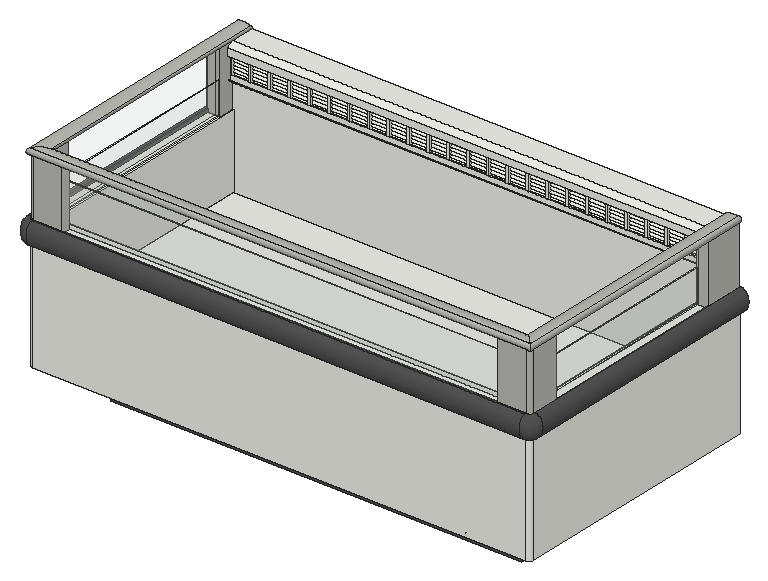
Revit family "FWEG_2014", category Specialty Equipment, Revit 2014
Parameters
  Width = 80 5/8"  # constant formula
  Waste Drain = 1 1/4"  # constant formula
  URL = "www.hussmann.com"
  Type Comments = "Excel"  # constant formula
  Trim = Plastic - 144 Mist Gray
  Total Weight = Case Weight + (2 * End Weight)  # 500.00 lbf
  Splashguard = Textured Sheet Metal (Steel Painted) - 701 Black
  Shelves = Sheet Metal (Steel Painted) - 700 Interior White
  Revit Family Date = "08/13/2015"  # constant formula
  Refrigeration Lines Suction = 5/8"  # constant formula
  Refrigeration Lines Liquid = 3/8"  # constant formula
  Refrig. Suction = "Suction"
  Refrig. Liquid = "Liquid"
  Number of Supports = 2  # constant formula
  Note from Manufacturer = "This model only comes in this size."  # constant formula
  Model URL = "http://www.hussmann.com/en/product%20viewer/display-cases/FW,%20FWG"
  Model = "FWEG"  # constant formula
  Manufacturer Disclaimer = "The information in this file is not intended to be an exact representation of the corresponding Hussmann product.  Further, we reserve the right to change or revise specifications and product design in connection with any feature of our products. Such changes do not entitle the buyer to corresponding changes, improvements, additions, or replacements for equipment previously sold or shipped."  # constant formula
  Manufacturer = "Hussmann Corporation"  # constant formula
  Height = 35 7/8"  # constant formula
  Glazing = Glass
  End Weight = 0.00 lbf  # constant formula
  Description = "Wide Island Merchandiser for Frozen Food / Ice Cream with Glass"  # constant formula
  Depth = 42"  # constant formula
  Cutsheet URL = "http://www.hussmann.com/en/Technical%20Documents/0465903_G_FWEG_EN.pdf"
  Close Off Panel = Textured Sheet Metal (Steel Painted) - 701 Black
  Case Weight = 500.00 lbf
  Case Interior - Side Panel = Sheet Metal (Steel Painted) - 700 Interior White
  Case Interior - Back Panel = Sheet Metal (Steel Painted) - 700 Interior White
  Case = Textured Sheet Metal (Steel Painted) - 149 White Satin Matte
  Bumper = Extruded PVC - 701 Black
  Assembly Code = ""
  Accessories/Options = ""
Reference planes (in)
  plane 1 "Back": y = 0
  plane 2 "Bottom": z = 0
  plane 3 "Top": z = 35.875
  plane 4 "Left": x = -77.30699
  plane 5 "Front": y = -42
  plane 6 "Center (Left/Right)": x = -36.99449
  plane 7 "Right": x = 3.31801
  plane 8: z = 35.875
  plane 9: x = -73.80699
  plane 10: x = -0.18199
  plane 11: y = -38.60808
Forms (in)
  Extrusion 1, solid, material "Metal - Copper"
    sketch origin (46.98783, 5, -0.375) x (1, 0, 0) y (0, 1, 0)
      loop
        circle (-62.62198, -31.25) r 0.4375
      loop
        circle (-62.62198, -31.25) r 0.41359
    from 4.26162 to 0.375
  Extrusion 2, solid, material "Metal - Copper"
    sketch origin (49.18642, 5, -0.375) x (1, 0, 0) y (0, 1, 0)
      loop
        circle (-64.19557, -31.25) r 0.1875
      loop
        circle (-64.19557, -31.25) r 0.17284
    from 4.26162 to 0.375
  Extrusion 3, solid, material "Metal - Copper"
    sketch origin (-53.3125, 1.04319, 0) x (1, 0, 0) y (0, 1, 0)
      loop
        circle (-8.49449, -32.66819) r 0.625
      loop
        circle (-8.49449, -32.66819) r 0.5852
    from 6.42413 to 0
  Extrusion 4, solid, material "Metal - Copper"
    sketch origin (-20.67647, 1.04319, 0) x (-1, 0, 0) y (0, -1, 0)
      loop
        circle (-8.49449, 29.79319) r 0.625
      loop
        circle (-8.49449, 29.79319) r 0.5852
    from 6.42413 to 0
  Extrusion 5, solid, material "Textured Sheet Metal (Steel Painted) - 149 White Satin Matte" <- "Case"
    sketch origin (-36.99449, 0, 0) x (0, 1, 0) y (0, 0, 1)
      loop
        line (-39.74516, 5.5) -> (-40.01909, 5.65823)
        arc (-40.01909, 5.65823) -> (-40.13349, 5.80284) -> (-40.11763, 5.98655) r 0.25
        line (-40.11763, 5.98655) -> (-38.96324, 8.29442) -> (-33.66557, 5.5) -> (0, 5.5) -> (0, 33.68893) -> (-2.15316, 33.68893) -> (-2.15316, 30.73195) -> (-4.10027, 30.73195) -> (-4.10027, 29.82853) -> (-3.64955, 29.45487) -> (-3.64955, 13.61303) -> (-30.44588, 13.61303) -> (-30.44588, 10.38481) -> (-34.40201, 10.38481) -> (-34.40201, 13.61303) -> (-39.11923, 13.61303) -> (-39.11923, 25.61217) -> (-40.67411, 25.61217) -> (-40.67411, 5.5) -> (-39.74516, 5.5)
    from -36.8125 to 36.8125
  Extrusion 6, solid, material "Textured Sheet Metal (Steel Painted) - 149 White Satin Matte" <- "Case"
    sketch origin (-36.99449, 0, 0) x (0, 1, 0) y (0, 0, 1)
      loop
        line (-3.61791, 35.25) -> (-4.73694, 34.69958) -> (-4.73694, 33.68893) -> (0, 33.68893) -> (0, 35.25) -> (-3.61791, 35.25)
    from -37.21725 to 37.21725
  Sweep 7, solid, material "Extruded PVC - 701 Black" <- "Bumper"
    path in 3D
      loop
        line (3.31801, 0, 0) -> (3.31801, -40, 0)
        arc (3.31801, -40, 0) -> (2.73223, -41.41421, 0) -> (1.31801, -42, 0) r 2
        line (1.31801, -42, 0) -> (-75.30699, -42, 0)
        arc (-75.30699, -42, 0) -> (-76.7212, -41.41421, 0) -> (-77.30699, -40, 0) r 2
        line (-77.30699, -40, 0) -> (-77.30699, 0, 0)
    profile origin (-36.99449, -42, 0) x (0, 1, 0) y (0, 0, 1)
      loop
        line (1.15634, 22.63241) -> (1.32589, 22.63241) -> (1.32589, 25.61217) -> (1.42003, 25.61217) -> (1.42003, 26.02108) -> (1.15634, 26.02108)
        spline (1.15634, 26.02108) -> (0.85705, 25.96335) -> (0.57817, 25.79408) -> (0.33868, 25.52482) -> (0.15492, 25.17391) -> (0.0394, 24.76527) -> (0, 24.32675) -> (0.0394, 23.88822) -> (0.15492, 23.47958) -> (0.33868, 23.12867) -> (0.57817, 22.85941) -> (0.85705, 22.69015) -> (1.15634, 22.63241)
  Sweep 8, solid, material "Plastic - 144 Mist Gray" <- "Trim"
    path in 3D
      loop
        line (1.89798, 0, 26.02108) -> (1.89798, -40.57997, 26.02108) -> (-75.88695, -40.57997, 26.02108) -> (-75.88695, 0, 26.02108)
    profile origin (-36.99449, -40.57997, 26.02108) x (0, -1, 0) y (0, 0, 1)
      loop
        line (-1.83929, 9.17119) -> (0, 9.17119) -> (0, 8.88704)
        arc (0, 8.88704) -> (0.31746, 9.33694) -> (-0.02265, 9.76998) r 0.46093
        arc (-0.02265, 9.76998) -> (-0.95939, 9.83781) -> (-1.85744, 9.56285) r 2.55702
        arc (-1.85744, 9.56285) -> (-1.97165, 9.36131) -> (-1.83929, 9.17119) r 0.2174
  Sweep 9, solid, material "Textured Sheet Metal (Steel Painted) - 701 Black" <- "Close Off Panel"
    path in 3D
      loop
        line (-5.18199, 0, 0) -> (-5.18199, -33.375, 0) -> (-68.80699, -33.375, 0) -> (-68.80699, 0, 0)
    profile origin (-36.99449, -33.375, 0) x (0, -1, 0) y (0, 0, 1)
      loop
        line (-0.3776, 0) -> (0.125, 0) -> (0.125, 5.17612) -> (-0.1076, 5.5) -> (-0.3776, 5.5) -> (-0.3776, 0)
  Extrusion 10, solid, material "Textured Sheet Metal (Steel Painted) - 149 White Satin Matte" <- "Case"
    sketch origin (-73.80699, 0, 0) x (0, -1, 0) y (0, 0, 1)
      loop
        line (0, 33.68893) -> (0, 25.61217) -> (3.64955, 25.61217) -> (3.64955, 29.45487) -> (4.10027, 29.82853) -> (4.10027, 30.73195) -> (2.15316, 30.73195) -> (2.15316, 33.68893) -> (0, 33.68893)
    from 0 to 0.40475
  Extrusion 11, solid, material "Textured Sheet Metal (Steel Painted) - 149 White Satin Matte" <- "Case"
    sketch origin (-0.18199, 0, 0) x (0, -1, 0) y (0, 0, -1)
      loop
        line (0, -33.68893) -> (2.15316, -33.68893) -> (2.15316, -30.73195) -> (4.10027, -30.73195) -> (4.10027, -29.82853) -> (3.64955, -29.45487) -> (3.64955, -25.61217) -> (0, -25.61217) -> (0, -33.68893)
    from 0 to 0.40475
  Extrusion 12, solid, material "Plastic - 144 Mist Gray" <- "Trim"
    sketch origin (0, 0, 25.61217) x (1, 0, 0) y (0, 1, 0)
      loop
        line (1.89798, -35.57997) -> (0.03551, -35.57997) -> (0.03551, -39.23897) -> (-3.10202, -39.23897) -> (-3.10202, -40.57997) -> (1.31801, -40.57997)
        arc (1.31801, -40.57997) -> (1.72811, -40.4101) -> (1.89798, -40) r 0.57997
        line (1.89798, -40) -> (1.89798, -35.57997)
    from 0 to 9.5801
  Extrusion 13, solid, material "Plastic - 144 Mist Gray" <- "Trim"
    sketch origin (0, 0, 25.61217) x (1, 0, 0) y (0, 1, 0)
      loop
        line (1.89798, 0) -> (0.03551, 0) -> (0.03551, -6) -> (1.89798, -6) -> (1.89798, 0)
    from 0 to 9.5801
  Extrusion 14, solid, material "Plastic - 144 Mist Gray" <- "Trim"
    sketch origin (-73.98897, 0, 25.61217) x (-1, 0, 0) y (0, -1, 0)
      loop
        line (1.89798, 35.57997) -> (1.89798, 40)
        arc (1.89798, 40) -> (1.72811, 40.4101) -> (1.31801, 40.57997) r 0.57997
        line (1.31801, 40.57997) -> (-3.10202, 40.57997) -> (-3.10202, 39.23897) -> (0.03551, 39.23897) -> (0.03551, 35.57997) -> (1.89798, 35.57997)
    from 0 to 9.5801
  Extrusion 15, solid, material "Plastic - 144 Mist Gray" <- "Trim"
    sketch origin (-73.98897, 0, 25.61217) x (-1, 0, 0) y (0, -1, 0)
      loop
        line (1.89798, 0) -> (1.89798, 6) -> (0.03551, 6) -> (0.03551, 0) -> (1.89798, 0)
    from 0 to 9.5801
  Extrusion 16, solid, material "Glass" <- "Glazing"
    sketch origin (-36.99449, 0, 0) x (0, 1, 0) y (0, 0, 1)
      loop
        line (-40.57997, 25.61217) -> (-39.23897, 25.61217) -> (-39.23897, 35.19227) -> (-40.57997, 35.19227) -> (-40.57997, 25.61217)
    from -33.89247 to 33.89247
  Extrusion 17, solid, material "Glass" <- "Glazing"
    sketch origin (-75.98109, -6, 25.61217) x (1, 0, 0) y (0, 0, 1)
      loop
        line (-0.09311, 0) -> (1.24789, 0) -> (1.24789, 9.5801) -> (-0.09311, 9.5801) -> (-0.09311, 0)
    from 0 to 29.57997
  Extrusion 18, solid, material "Sheet Metal (Steel Painted) - 700 Interior White" <- "Shelves"
    sketch origin (-36.99449, -37.02455, 13.61303) x (0, 1, 0) y (-1, 0, 0)
      loop
        line (33.34375, 36.8125) -> (0.03125, 36.8125) -> (0.03125, -36.77975) -> (33.34375, -36.77975) -> (33.34375, 36.8125)
    from 0 to 0.59184
  Extrusion 19, solid, material "Sheet Metal (Steel Painted) - 700 Interior White" <- "Case Interior - Back Panel"
    sketch origin (-36.99449, -3.64955, 13.61303) x (0, 0, 1) y (-1, 0, 0)
      loop
        line (11.99914, -37.21725) -> (15.84184, -37.21725) -> (15.84184, 37.21725) -> (11.99914, 37.21725) -> (11.99914, 36.8125) -> (0, 36.8125) -> (0, -36.8125) -> (11.99914, -36.8125) -> (11.99914, -37.21725)
    from 0 to 0.03125
  Extrusion 20, solid, material "Sheet Metal (Steel Painted) - 700 Interior White" <- "Case Interior - Back Panel"
    sketch origin (-0.27724, -4.10027, 25.61217) x (0, 1, 0) y (0, 0, -1)
      loop
        spline (0.2329, -5.11978) -> (0.38806, -5.21604) -> (0.58744, -5.32156) -> (0.80502, -5.42258) -> (1.01244, -5.50591) -> (1.18265, -5.5607) -> (1.29343, -5.57979) -> (1.33035, -5.5607) -> (1.28858, -5.50591) -> (1.17358, -5.42258) -> (1.00035, -5.32156) -> (0.79147, -5.21604) -> (0.5742, -5.11978)
        line (0.5742, -5.11978) -> (0.2329, -5.11978)
      loop
        spline (1.32914, -6.06777) -> (1.31865, -6.03671) -> (1.26784, -5.98863) -> (1.18018, -5.92682) -> (1.06164, -5.85548) -> (0.9203, -5.77947) -> (0.76579, -5.70398) -> (0.60865, -5.63414) -> (0.45957, -5.57473) -> (0.32872, -5.52978) -> (0.22502, -5.50236) -> (0.15554, -5.49434) -> (0.125, -5.50627)
        spline (0.125, -5.50627) -> (0.13549, -5.53733) -> (0.1863, -5.58541) -> (0.27396, -5.64722) -> (0.3925, -5.71856) -> (0.53384, -5.79457) -> (0.68835, -5.87006) -> (0.84549, -5.9399) -> (0.99457, -5.99931) -> (1.12542, -6.04426) -> (1.22912, -6.07168) -> (1.2986, -6.0797) -> (1.32914, -6.06777)
      loop
        spline (1.32914, -7.06777) -> (1.31865, -7.03671) -> (1.26784, -6.98863) -> (1.18018, -6.92682) -> (1.06164, -6.85548) -> (0.9203, -6.77947) -> (0.76579, -6.70398) -> (0.60865, -6.63414) -> (0.45957, -6.57473) -> (0.32872, -6.52978) -> (0.22502, -6.50236) -> (0.15554, -6.49434) -> (0.125, -6.50627)
        spline (0.125, -6.50627) -> (0.13549, -6.53733) -> (0.1863, -6.58541) -> (0.27396, -6.64722) -> (0.3925, -6.71856) -> (0.53384, -6.79457) -> (0.68835, -6.87006) -> (0.84549, -6.9399) -> (0.99457, -6.99931) -> (1.12542, -7.04426) -> (1.22912, -7.07168) -> (1.2986, -7.0797) -> (1.32914, -7.06777)
      loop
        spline (1.32914, -6.56777) -> (1.31865, -6.53671) -> (1.26784, -6.48863) -> (1.18018, -6.42682) -> (1.06164, -6.35548) -> (0.9203, -6.27947) -> (0.76579, -6.20398) -> (0.60865, -6.13414) -> (0.45957, -6.07473) -> (0.32872, -6.02978) -> (0.22502, -6.00236) -> (0.15554, -5.99434) -> (0.125, -6.00627)
        spline (0.125, -6.00627) -> (0.13549, -6.03733) -> (0.1863, -6.08541) -> (0.27396, -6.14722) -> (0.3925, -6.21856) -> (0.53384, -6.29457) -> (0.68835, -6.37006) -> (0.84549, -6.4399) -> (0.99457, -6.49931) -> (1.12542, -6.54426) -> (1.22912, -6.57168) -> (1.2986, -6.5797) -> (1.32914, -6.56777)
      loop
        spline (1.32914, -7.56777) -> (1.31865, -7.53671) -> (1.26784, -7.48863) -> (1.18018, -7.42682) -> (1.06164, -7.35548) -> (0.9203, -7.27947) -> (0.76579, -7.20398) -> (0.60865, -7.13414) -> (0.45957, -7.07473) -> (0.32872, -7.02978) -> (0.22502, -7.00236) -> (0.15554, -6.99434) -> (0.125, -7.00627)
        spline (0.125, -7.00627) -> (0.13549, -7.03733) -> (0.1863, -7.08541) -> (0.27396, -7.14722) -> (0.3925, -7.21856) -> (0.53384, -7.29457) -> (0.68835, -7.37006) -> (0.84549, -7.4399) -> (0.99457, -7.49931) -> (1.12542, -7.54426) -> (1.22912, -7.57168) -> (1.2986, -7.5797) -> (1.32914, -7.56777)
      loop
        spline (1.3174, -8.07676) -> (1.30488, -8.02122) -> (1.15112, -7.90843) -> (0.89369, -7.76596) -> (0.59554, -7.62863) -> (0.32954, -7.53003) -> (0.16071, -7.49425) -> (0.13033, -7.53003) -> (0.24582, -7.62863) -> (0.47896, -7.76596) -> (0.77274, -7.90843) -> (1.05536, -8.02122) -> (1.25773, -8.07676)
        line (1.25773, -8.07676) -> (1.3174, -8.07676)
      loop
        spline (0.46502, -8.07676) -> (0.39765, -8.05243) -> (0.3357, -8.03195) -> (0.28018, -8.01566) -> (0.232, -8.00383) -> (0.19196, -7.99665) -> (0.16071, -7.99425) -> (0.13877, -7.99665) -> (0.12649, -8.00383) -> (0.12408, -8.01566) -> (0.13159, -8.03195) -> (0.14887, -8.05243) -> (0.17566, -8.07676)
        line (0.17566, -8.07676) -> (0.46502, -8.07676)
    from -0.5 to 73.74725
  Extrusion 21, solid, material "Sheet Metal (Steel Painted) - 700 Interior White" <- "Case Interior - Back Panel"
    sketch origin (-36.99449, -2.15316, 30.73195) x (0, 0, 1) y (-1, 0, 0)
      loop
        line (2.95699, -37.15356) -> (2.95699, -36.54285) -> (0, -36.54285) -> (0, -37.15356) -> (2.95699, -37.15356)
    from 0 to 1.94712
  Extrusion 22, solid, material "Sheet Metal (Steel Painted) - 700 Interior White" <- "Case Interior - Back Panel"
    sketch origin (-110.99148, -2.15316, 30.73195) x (0, 0, 1) y (-1, 0, 0)
      loop
        line (2.95699, -37.35453) -> (2.95699, -36.54203) -> (0, -36.54203) -> (0, -37.35453) -> (2.95699, -37.35453)
    from 0 to 1.94712
  Extrusion 23, solid, material "Sheet Metal (Steel Painted) - 700 Interior White" <- "Case Interior - Back Panel"
    sketch origin (-40.07769, -2.15316, 30.73195) x (0, 0, 1) y (-1, 0, 0)
      loop
        line (2.95699, -37.21725) -> (2.95699, -36.77975) -> (0, -36.77975) -> (0, -37.21725) -> (2.95699, -37.21725)
    from 0 to 1.94712
  Extrusion 24, solid, material "Sheet Metal (Steel Painted) - 700 Interior White" <- "Case Interior - Back Panel"
    sketch origin (-43.1609, -2.15316, 30.73195) x (0, 0, 1) y (-1, 0, 0)
      loop
        line (2.95699, -37.21725) -> (2.95699, -36.77975) -> (0, -36.77975) -> (0, -37.21725) -> (2.95699, -37.21725)
    from 0 to 1.94712
  Extrusion 25, solid, material "Sheet Metal (Steel Painted) - 700 Interior White" <- "Case Interior - Back Panel"
    sketch origin (-46.24411, -2.15316, 30.73195) x (0, 0, 1) y (-1, 0, 0)
      loop
        line (2.95699, -37.21725) -> (2.95699, -36.77975) -> (0, -36.77975) -> (0, -37.21725) -> (2.95699, -37.21725)
    from 0 to 1.94712
  Extrusion 26, solid, material "Sheet Metal (Steel Painted) - 700 Interior White" <- "Case Interior - Back Panel"
    sketch origin (-49.32732, -2.15316, 30.73195) x (0, 0, 1) y (-1, 0, 0)
      loop
        line (2.95699, -37.21725) -> (2.95699, -36.77975) -> (0, -36.77975) -> (0, -37.21725) -> (2.95699, -37.21725)
    from 0 to 1.94712
  Extrusion 27, solid, material "Sheet Metal (Steel Painted) - 700 Interior White" <- "Case Interior - Back Panel"
    sketch origin (-52.41053, -2.15316, 30.73195) x (0, 0, 1) y (-1, 0, 0)
      loop
        line (2.95699, -37.21725) -> (2.95699, -36.77975) -> (0, -36.77975) -> (0, -37.21725) -> (2.95699, -37.21725)
    from 0 to 1.94712
  Extrusion 28, solid, material "Sheet Metal (Steel Painted) - 700 Interior White" <- "Case Interior - Back Panel"
    sketch origin (-55.49373, -2.15316, 30.73195) x (0, 0, 1) y (-1, 0, 0)
      loop
        line (2.95699, -37.21725) -> (2.95699, -36.77975) -> (0, -36.77975) -> (0, -37.21725) -> (2.95699, -37.21725)
    from 0 to 1.94712
  Extrusion 29, solid, material "Sheet Metal (Steel Painted) - 700 Interior White" <- "Case Interior - Back Panel"
    sketch origin (-58.57694, -2.15316, 30.73195) x (0, 0, 1) y (-1, 0, 0)
      loop
        line (2.95699, -37.21725) -> (2.95699, -36.77975) -> (0, -36.77975) -> (0, -37.21725) -> (2.95699, -37.21725)
    from 0 to 1.94712
  Extrusion 30, solid, material "Sheet Metal (Steel Painted) - 700 Interior White" <- "Case Interior - Back Panel"
    sketch origin (-61.66015, -2.15316, 30.73195) x (0, 0, 1) y (-1, 0, 0)
      loop
        line (2.95699, -37.21725) -> (2.95699, -36.77975) -> (0, -36.77975) -> (0, -37.21725) -> (2.95699, -37.21725)
    from 0 to 1.94712
  Extrusion 31, solid, material "Sheet Metal (Steel Painted) - 700 Interior White" <- "Case Interior - Back Panel"
    sketch origin (-64.74336, -2.15316, 30.73195) x (0, 0, 1) y (-1, 0, 0)
      loop
        line (2.95699, -37.21725) -> (2.95699, -36.77975) -> (0, -36.77975) -> (0, -37.21725) -> (2.95699, -37.21725)
    from 0 to 1.94712
  Extrusion 32, solid, material "Sheet Metal (Steel Painted) - 700 Interior White" <- "Case Interior - Back Panel"
    sketch origin (-67.82657, -2.15316, 30.73195) x (0, 0, 1) y (-1, 0, 0)
      loop
        line (2.95699, -37.21725) -> (2.95699, -36.77975) -> (0, -36.77975) -> (0, -37.21725) -> (2.95699, -37.21725)
    from 0 to 1.94712
  Extrusion 33, solid, material "Sheet Metal (Steel Painted) - 700 Interior White" <- "Case Interior - Back Panel"
    sketch origin (-70.90977, -2.15316, 30.73195) x (0, 0, 1) y (-1, 0, 0)
      loop
        line (2.95699, -37.21725) -> (2.95699, -36.77975) -> (0, -36.77975) -> (0, -37.21725) -> (2.95699, -37.21725)
    from 0 to 1.94712
  Extrusion 34, solid, material "Sheet Metal (Steel Painted) - 700 Interior White" <- "Case Interior - Back Panel"
    sketch origin (-73.99298, -2.15316, 30.73195) x (0, 0, 1) y (-1, 0, 0)
      loop
        line (2.95699, -37.21725) -> (2.95699, -36.77975) -> (0, -36.77975) -> (0, -37.21725) -> (2.95699, -37.21725)
    from 0 to 1.94712
  Extrusion 35, solid, material "Sheet Metal (Steel Painted) - 700 Interior White" <- "Case Interior - Back Panel"
    sketch origin (-77.07619, -2.15316, 30.73195) x (0, 0, 1) y (-1, 0, 0)
      loop
        line (2.95699, -37.21725) -> (2.95699, -36.77975) -> (0, -36.77975) -> (0, -37.21725) -> (2.95699, -37.21725)
    from 0 to 1.94712
  Extrusion 36, solid, material "Sheet Metal (Steel Painted) - 700 Interior White" <- "Case Interior - Back Panel"
    sketch origin (-80.1594, -2.15316, 30.73195) x (0, 0, 1) y (-1, 0, 0)
      loop
        line (2.95699, -37.21725) -> (2.95699, -36.77975) -> (0, -36.77975) -> (0, -37.21725) -> (2.95699, -37.21725)
    from 0 to 1.94712
  Extrusion 37, solid, material "Sheet Metal (Steel Painted) - 700 Interior White" <- "Case Interior - Back Panel"
    sketch origin (-83.24261, -2.15316, 30.73195) x (0, 0, 1) y (-1, 0, 0)
      loop
        line (2.95699, -37.21725) -> (2.95699, -36.77975) -> (0, -36.77975) -> (0, -37.21725) -> (2.95699, -37.21725)
    from 0 to 1.94712
  Extrusion 38, solid, material "Sheet Metal (Steel Painted) - 700 Interior White" <- "Case Interior - Back Panel"
    sketch origin (-86.32581, -2.15316, 30.73195) x (0, 0, 1) y (-1, 0, 0)
      loop
        line (2.95699, -37.21725) -> (2.95699, -36.77975) -> (0, -36.77975) -> (0, -37.21725) -> (2.95699, -37.21725)
    from 0 to 1.94712
  Extrusion 39, solid, material "Sheet Metal (Steel Painted) - 700 Interior White" <- "Case Interior - Back Panel"
    sketch origin (-89.40902, -2.15316, 30.73195) x (0, 0, 1) y (-1, 0, 0)
      loop
        line (2.95699, -37.21725) -> (2.95699, -36.77975) -> (0, -36.77975) -> (0, -37.21725) -> (2.95699, -37.21725)
    from 0 to 1.94712
  Extrusion 40, solid, material "Sheet Metal (Steel Painted) - 700 Interior White" <- "Case Interior - Back Panel"
    sketch origin (-92.49223, -2.15316, 30.73195) x (0, 0, 1) y (-1, 0, 0)
      loop
        line (2.95699, -37.21725) -> (2.95699, -36.77975) -> (0, -36.77975) -> (0, -37.21725) -> (2.95699, -37.21725)
    from 0 to 1.94712
  Extrusion 41, solid, material "Sheet Metal (Steel Painted) - 700 Interior White" <- "Case Interior - Back Panel"
    sketch origin (-95.57544, -2.15316, 30.73195) x (0, 0, 1) y (-1, 0, 0)
      loop
        line (2.95699, -37.21725) -> (2.95699, -36.77975) -> (0, -36.77975) -> (0, -37.21725) -> (2.95699, -37.21725)
    from 0 to 1.94712
  Extrusion 42, solid, material "Sheet Metal (Steel Painted) - 700 Interior White" <- "Case Interior - Back Panel"
    sketch origin (-98.65865, -2.15316, 30.73195) x (0, 0, 1) y (-1, 0, 0)
      loop
        line (2.95699, -37.21725) -> (2.95699, -36.77975) -> (0, -36.77975) -> (0, -37.21725) -> (2.95699, -37.21725)
    from 0 to 1.94712
  Extrusion 43, solid, material "Sheet Metal (Steel Painted) - 700 Interior White" <- "Case Interior - Back Panel"
    sketch origin (-101.74185, -2.15316, 30.73195) x (0, 0, 1) y (-1, 0, 0)
      loop
        line (2.95699, -37.21725) -> (2.95699, -36.77975) -> (0, -36.77975) -> (0, -37.21725) -> (2.95699, -37.21725)
    from 0 to 1.94712
  Extrusion 44, solid, material "Sheet Metal (Steel Painted) - 700 Interior White" <- "Case Interior - Back Panel"
    sketch origin (-104.82506, -2.15316, 30.73195) x (0, 0, 1) y (-1, 0, 0)
      loop
        line (2.95699, -37.21725) -> (2.95699, -36.77975) -> (0, -36.77975) -> (0, -37.21725) -> (2.95699, -37.21725)
    from 0 to 1.94712
  Extrusion 45, solid, material "Sheet Metal (Steel Painted) - 700 Interior White" <- "Case Interior - Back Panel"
    sketch origin (-107.90827, -2.15316, 30.73195) x (0, 0, 1) y (-1, 0, 0)
      loop
        line (2.95699, -37.21725) -> (2.95699, -36.77975) -> (0, -36.77975) -> (0, -37.21725) -> (2.95699, -37.21725)
    from 0 to 1.94712
  Sweep 46, solid, material "Textured Sheet Metal (Steel Painted) - 149 White Satin Matte" <- "Case"
    path in 3D
      loop
        line (-0.18199, -39.11923, 13.61303) -> (-73.80699, -39.11923, 13.61303)
    profile origin (-36.99449, -39.11923, 13.61303) x (0, -1, 0) y (0, 0, 1)
      loop
        line (-2.09468, 0) -> (0, 0) -> (0, 11.99914) -> (-2.65588, 10.80718) -> (-2.65588, 9.09318) -> (-2.09468, 7.28412) -> (-2.09468, 0)
  Sweep 47, solid, material "Glass" <- "Glazing"
    path in 3D
      loop
        line (-0.18199, -36.46335, 24.42021) -> (-73.80699, -36.46335, 24.42021)
    profile origin (-36.99449, -36.46335, 24.42021) x (0, 0, 1) y (0, 1, 0)
      loop
        line (0.12886, -0.28712) -> (0.2276, -0.50712) -> (6.28466, -0.50712) -> (6.28466, -0.28712) -> (0.12886, -0.28712)
  Extrusion 48, solid, material "Textured Sheet Metal (Steel Painted) - 149 White Satin Matte" <- "Case"
    sketch origin (0, 0, 0) x (1, 0, 0) y (0, 1, 0)
      loop
        line (1.99212, 0) -> (-0.18199, 0) -> (-0.18199, -40.67411) -> (1.31801, -40.67411)
        arc (1.31801, -40.67411) -> (1.79468, -40.47666) -> (1.99212, -40) r 0.67411
        line (1.99212, -40) -> (1.99212, 0)
    from 5.5 to 25.61217
  Extrusion 49, solid, material "Textured Sheet Metal (Steel Painted) - 149 White Satin Matte" <- "Case"
    sketch origin (-73.98897, 0, 0) x (-1, 0, 0) y (0, -1, 0)
      loop
        line (1.99212, 0) -> (1.99212, 40)
        arc (1.99212, 40) -> (1.79468, 40.47666) -> (1.31801, 40.67411) r 0.67411
        line (1.31801, 40.67411) -> (-0.18199, 40.67411) -> (-0.18199, 0) -> (1.99212, 0)
    from 5.5 to 25.61217
  Extrusion 50, solid, material "Glass" <- "Glazing"
    sketch origin (-0.4375, 0, 0) x (1, 0, 0) y (0, 0, 1)
      loop
        line (-73.80699, 25.61217) -> (-73.58699, 25.61217) -> (-73.58699, 30.70487) -> (-73.80699, 30.70487) -> (-73.80699, 25.61217)
    from 6 to 35.57997
  Extrusion 51, solid, material "Glass" <- "Glazing"
    sketch origin (1.99212, -6, 25.61217) x (-1, 0, 0) y (0, 0, -1)
      loop
        line (0.09414, 0) -> (0.09414, -9.5801) -> (1.62239, -9.5801) -> (1.62239, 0) -> (0.09414, 0)
    from 0 to 29.57997
  Extrusion 52, solid, material "Glass" <- "Glazing"
    sketch origin (-73.55147, 0, 0) x (-1, 0, 0) y (0, 0, -1)
      loop
        line (-73.80699, -25.61217) -> (-73.80699, -30.70487) -> (-73.58699, -30.70487) -> (-73.58699, -25.61217) -> (-73.80699, -25.61217)
    from 6 to 35.57997
  Extrusion 53, solid, material "Sheet Metal (Steel Painted) - 700 Interior White" <- "Case Interior - Side Panel"
    sketch origin (-73.80699, -40.67411, 0) x (0, 1, 0) y (0, 0, 1)
      loop
        line (37.02455, 25.61217) -> (1.55488, 25.61217) -> (4.21075, 24.42021) -> (4.21075, 22.70621) -> (3.64955, 20.89715) -> (3.64955, 14.20487) -> (37.02455, 14.20487) -> (37.02455, 25.61217)
    from 0 to 0.03125
  Extrusion 54, solid, material "Sheet Metal (Steel Painted) - 700 Interior White" <- "Case Interior - Side Panel"
    sketch origin (-0.18199, -40.67411, 0) x (0, 1, 0) y (0, 0, -1)
      loop
        line (37.02455, -25.61217) -> (37.02455, -14.20487) -> (3.64955, -14.20487) -> (3.64955, -20.89715) -> (4.21075, -22.70621) -> (4.21075, -24.42021) -> (1.55488, -25.61217) -> (37.02455, -25.61217)
    from 0 to 0.03125
Cuts and joins
  joined: Extrusion 5, Extrusion 10, Extrusion 11, Sweep 46, Extrusion 48, Extrusion 49
  joined: Extrusion 20, Extrusion 21, Extrusion 22, Extrusion 23, Extrusion 24, Extrusion 25, Extrusion 26, Extrusion 27, Extrusion 28, Extrusion 29, Extrusion 30, Extrusion 31, Extrusion 32, Extrusion 33, Extrusion 34, Extrusion 35, Extrusion 36, Extrusion 37, Extrusion 38, Extrusion 39, Extrusion 40, Extrusion 41, Extrusion 42, Extrusion 43, Extrusion 44, Extrusion 45
Lines and regions (in)
  reference lines
    curve 1: line (-64.05699, -42, 0) -> (-64.05699, 0, 0)
    curve 2: line (-61.80699, -42, 0) -> (-61.80699, 0, 0)
    curve 3: line (-15.18199, -42, 0) -> (-15.18199, 0, 0)
    curve 4: line (-9.93199, -42, 0) -> (-9.93199, 0, 0)
    curve 5: line (-77.30699, -31.625, 0) -> (3.31801, -31.625, 0)
    curve 6: line (3.31801, -26.25, 0) -> (-77.30699, -26.25, 0)
    curve 7: line (-12.18199, -42, 0) -> (-12.18199, 0, 0)
  sketch lines
    curve 8: line (3.31801, 0, 0) -> (3.31801, -40, 0)
    curve 9: arc (1.31801, -42, 0) -> (2.73223, -41.41421, 0) -> (3.31801, -40, 0) r 2
    curve 10: line (-75.30699, -42, 0) -> (1.31801, -42, 0)
    curve 11: arc (-77.30699, -40, 0) -> (-76.7212, -41.41421, 0) -> (-75.30699, -42, 0) r 2
    curve 12: line (-77.30699, -40, 0) -> (-77.30699, 0, 0)
    curve 13: line (-75.88695, -40.57997, 26.02108) -> (-75.88695, 0, 26.02108)
    curve 14: line (1.89798, -40.57997, 26.02108) -> (-75.88695, -40.57997, 26.02108)
    curve 15: line (1.89798, 0, 26.02108) -> (1.89798, -40.57997, 26.02108)
    curve 19: line (-68.80699, -33.375, 0) -> (-68.80699, 0, 0)
    curve 20: line (-5.18199, -33.375, 0) -> (-68.80699, -33.375, 0)
    curve 21: line (-5.18199, 0, 0) -> (-5.18199, -33.375, 0)
    curve 22: line (-0.18199, -39.11923, 13.61303) -> (-73.80699, -39.11923, 13.61303)
    curve 23: line (-0.18199, -36.46335, 24.42021) -> (-73.80699, -36.46335, 24.42021)
  model lines
    curve 16: line (-5.18199, 0, 0) -> (-5.18199, -33.375, 0)
    curve 17: line (-5.18199, -33.375, 0) -> (-68.80699, -33.375, 0)
    curve 18: line (-68.80699, -33.375, 0) -> (-68.80699, 0, 0)
Dimensions and locks (in)
  equal spacing: plane 4 "Left", plane 6 "Center (Left/Right)", plane 7 "Right"
  "Width": plane 4 "Left" to plane 7 "Right"
  locked: plane 4 "Left" to curve 1 at 13.25
  locked: plane 4 "Left" to curve 2 at 15.5
  curve 4 to plane 7 "Right" = 13 1/4"
  curve 3 to plane 7 "Right" = 18 1/2"
  "Depth": plane 5 "Front" to plane 1 "Back"
  "Height": plane 3 "Top" to level
  plane 1 "Back" to curve 5 = 31 5/8"
  plane 1 "Back" to curve 6 = 26 1/4"
  "Height": plane 8 to level
  nested 1 to plane 1 "Back" = 30 1/4"
  nested 1 to nested 1 = 19 7/8"
  locked: curve 7 to plane 7 "Right" at 15.5
  plane 9 to plane 6 "Center (Left/Right)" to Extrusion 5 = 36 13/16", 36 13/16"
  locked: plane 9 to plane 10 at 73.625
  Extrusion 17 to plane 4 "Left" = 1.23279"
  Extrusion 50 sketch curve to plane 4 "Left" = 3 1/16"
  aligned and locked: plane 5 "Front" to curve 3
  aligned and locked: plane 5 "Front" to curve 4
  aligned and locked: plane 5 "Front" to curve 2
  aligned and locked: plane 5 "Front" to curve 1
  aligned and locked: plane 4 "Left" to curve 5
  aligned and locked: plane 4 "Left" to curve 6
  aligned and locked: plane 7 "Right" to curve 6
  aligned and locked: plane 7 "Right" to curve 5
  aligned and locked: Extrusion 1 to level
  aligned and locked: Extrusion 2 to level
  aligned and locked: curve 6 to Extrusion 2 sketch curve  (x2)
  aligned and locked: curve 6 to Extrusion 1 sketch curve  (x2)
  aligned and locked: curve 5 to Extrusion 3 sketch curve  (x2)
  aligned and locked: curve 1 to nested 1
  aligned and locked: curve 4 to nested 2
  aligned and locked: plane 10 to Extrusion 5
  aligned and locked: plane 9 to Extrusion 5
  aligned and locked: Extrusion 6 to cut or joined group of Extrusion 5, Extrusion 10, Extrusion 11, Sweep 46, Extrusion 48, Extrusion 49  (x2)
  aligned and locked: Extrusion 12 to Sweep 8
  aligned and locked: Extrusion 13 to Sweep 8
  aligned and locked: Extrusion 12 to Extrusion 14 sketch curve
  aligned and locked: Extrusion 20 to Extrusion 15
Automatic sketch dimensions
  Extrusion 45 sketch curve to Extrusion 45 sketch curve = 2.95699"
  Extrusion 45 sketch curve to Extrusion 45 sketch curve = 7/16"
  plane 1 "Back" to curve 18 = 0"
  plane 1 "Back" to curve 16 = 0"
  plane 9 to curve 18 = 5"
  curve 17 to plane 10 = 5"
  plane 11 to curve 18 = 5.23308"
  Extrusion 1 sketch curve to Extrusion 1 sketch curve = 0"  (x4)
  Extrusion 1 sketch curve to plane 10 = 15.45216"
  Extrusion 1 sketch curve to Extrusion 1 sketch curve = 0.41359"
  Extrusion 2 sketch curve to Extrusion 2 sketch curve = 0"  (x4)
  Extrusion 2 sketch curve to plane 10 = 14.82716"
  Extrusion 2 sketch curve to Extrusion 2 sketch curve = 0.17284"
  curve 7 to plane 5 "Front" = 0"
  plane 1 "Back" to curve 3 = 0"
  plane 1 "Back" to curve 1 = 0"
  plane 1 "Back" to curve 2 = 0"
  plane 1 "Back" to curve 4 = 0"
  plane 1 "Back" to curve 7 = 0"
  Extrusion 3 sketch curve to Extrusion 3 sketch curve = 0"  (x4)
  plane 9 to Extrusion 3 sketch curve = 12"
  Extrusion 3 sketch curve to Extrusion 3 sketch curve = 0.5852"
  Extrusion 4 sketch curve to Extrusion 4 sketch curve = 0"  (x6)
  plane 10 to Extrusion 4 sketch curve = 12"
  Extrusion 4 sketch curve to plane 11 = 9.85808"
  Extrusion 4 sketch curve to Extrusion 4 sketch curve = 0.5852"
  Extrusion 5 sketch curve to plane 1 "Back" = 0"
  plane 1 "Back" to Extrusion 5 sketch curve = 2.15316"
  plane 1 "Back" to Extrusion 5 sketch curve = 3.64955"
  Extrusion 5 sketch curve to Extrusion 5 sketch curve = 0.45072"
  plane 11 to Extrusion 5 sketch curve = 8.16221"
  plane 11 to Extrusion 5 sketch curve = 4.94251"
  Extrusion 5 sketch curve to Extrusion 5 sketch curve = 3.95613"
  Extrusion 5 sketch curve to plane 11 = 0.35516"
  Extrusion 5 sketch curve to plane 11 = 0.51115"
  Extrusion 5 sketch curve to plane 11 = 1.13708"
  Extrusion 5 sketch curve to Extrusion 5 sketch curve = 0.14888"
  Extrusion 5 sketch curve to Extrusion 5 sketch curve = 0.12505"
  Extrusion 5 sketch curve to Extrusion 5 sketch curve = 0.22359"
  plane 5 "Front" to Extrusion 5 sketch curve = 1.32589"
  level to Extrusion 5 sketch curve = 5 1/2"  (x2)
  Extrusion 5 sketch curve to Extrusion 5 sketch curve = 0.15823"
  Extrusion 5 sketch curve to Extrusion 5 sketch curve = 0.21648"
  Extrusion 5 sketch curve to Extrusion 5 sketch curve = 2.30787"
  Extrusion 5 sketch curve to Extrusion 5 sketch curve = 4.88481"
  Extrusion 5 sketch curve to Extrusion 5 sketch curve = 3.22822"
  Extrusion 5 sketch curve to Extrusion 5 sketch curve = 8.11303"
  plane 3 "Top" to Extrusion 5 sketch curve = 10.26283"
  plane 3 "Top" to Extrusion 5 sketch curve = 6.42013"
  Extrusion 5 sketch curve to Extrusion 5 sketch curve = 0.37366"
  Extrusion 5 sketch curve to Extrusion 5 sketch curve = 0.90341"
  plane 3 "Top" to Extrusion 5 sketch curve = 2.18607"
  Extrusion 6 sketch curve to plane 1 "Back" = 0"
  plane 3 "Top" to Extrusion 6 sketch curve = 5/8"
  plane 1 "Back" to Extrusion 6 sketch curve = 3.61791"
  Extrusion 6 sketch curve to Extrusion 6 sketch curve = 1.11903"
  plane 3 "Top" to Extrusion 6 sketch curve = 1.17542"
  Extrusion 6 sketch curve to Extrusion 6 sketch curve = 1.56107"
  Sweep 7 sketch curve to profile plane = 1.15634"
  Sweep 7 sketch curve to Sweep 7 sketch curve = 0.16956"
  Sweep 7 sketch curve to Sweep 7 sketch curve = 0.09414"
  profile plane to Sweep 7 sketch curve = 22.63241"
  Sweep 7 sketch curve to Sweep 7 sketch curve = 2.97976"
  Sweep 7 sketch curve to Sweep 7 sketch curve = 0.40891"
  Sweep 8 sketch curve to profile plane = 0"
  profile plane to Sweep 8 sketch curve = 0.14331"
  profile plane to Sweep 8 sketch curve = 0.67256"
  Sweep 8 sketch curve to Sweep 8 sketch curve = 1.61117"
  Sweep 8 sketch curve to Sweep 8 sketch curve = 0.08481"
  profile plane to Sweep 8 sketch curve = 7.29692"
  Sweep 8 sketch curve to Sweep 8 sketch curve = 1.59012"
  Sweep 8 sketch curve to Sweep 8 sketch curve = 0.28415"
  Sweep 8 sketch curve to Sweep 8 sketch curve = 0.15393"
  Sweep 8 sketch curve to Sweep 8 sketch curve = 0.20018"
  profile plane to Sweep 8 sketch curve = 0.02265"
  Sweep 9 sketch curve to profile plane = 0"
  profile plane to Sweep 9 sketch curve = 0.3776"
  profile plane to Sweep 9 sketch curve = 0.1076"
  Sweep 9 sketch curve to profile plane = 1/8"
  profile plane to Sweep 9 sketch curve = 5.17612"
  Sweep 9 sketch curve to Sweep 9 sketch curve = 0.32388"
  Extrusion 10 sketch curve to Extrusion 5 = 0"  (x8)
  Extrusion 5 to Extrusion 10 sketch curve = 0"
  Extrusion 11 sketch curve to plane 1 "Back" = 0"
  plane 1 "Back" to Extrusion 11 sketch curve = 2.15316"
  plane 1 "Back" to Extrusion 11 sketch curve = 3.64955"
  Extrusion 11 sketch curve to Extrusion 11 sketch curve = 0.45072"
  plane 3 "Top" to Extrusion 11 sketch curve = 2.18607"
  Extrusion 11 sketch curve to Extrusion 11 sketch curve = 2.95699"
  Extrusion 11 sketch curve to Extrusion 11 sketch curve = 0.90341"
  Extrusion 11 sketch curve to Extrusion 11 sketch curve = 0.37366"
  Extrusion 11 sketch curve to Extrusion 11 sketch curve = 3.8427"
  Extrusion 12 sketch curve to plane 11 = 0.63088"
  Extrusion 12 sketch curve to plane 10 = 2.92003"
  plane 10 to Extrusion 12 sketch curve = 0.2175"
  Extrusion 12 sketch curve to Extrusion 12 sketch curve = 1.2825"
  Extrusion 12 sketch curve to Extrusion 12 sketch curve = 0.57997"
  Extrusion 12 sketch curve to plane 11 = 1.39192"
  plane 11 to Extrusion 12 sketch curve = 3.02812"
  plane 1 "Back" to Extrusion 13 sketch curve = 0"
  plane 10 to Extrusion 13 sketch curve = 0.2175"
  Extrusion 13 sketch curve to plane 7 "Right" = 1.42003"
  plane 1 "Back" to Extrusion 13 sketch curve = 6"
  plane 9 to Extrusion 14 sketch curve = 2.92003"
  Extrusion 14 sketch curve to plane 9 = 0.2175"
  Extrusion 14 sketch curve to plane 9 = 1 1/2"
  Extrusion 14 sketch curve to Extrusion 14 sketch curve = 0.57997"
  plane 11 to Extrusion 14 sketch curve = 3.02812"
  Extrusion 14 sketch curve to plane 11 = 1.39192"
  plane 1 "Back" to Extrusion 15 sketch curve = 0"
  Extrusion 15 sketch curve to plane 9 = 0.2175"
  plane 4 "Left" to Extrusion 15 sketch curve = 1.42003"
  plane 1 "Back" to Extrusion 15 sketch curve = 6"
  plane 3 "Top" to Extrusion 16 sketch curve = 0.68273"
  plane 5 "Front" to Extrusion 16 sketch curve = 1.42003"
  Extrusion 16 sketch curve to plane 11 = 0.63088"
  Extrusion 16 sketch curve to Extrusion 16 sketch curve = 9.5801"
  Extrusion 17 sketch curve to Extrusion 13 = 0"  (x2)
  Extrusion 17 sketch curve to Extrusion 13 = 76.10971"
  Extrusion 17 sketch curve to Extrusion 17 sketch curve = 1.341"
  Extrusion 18 sketch curve to Extrusion 5 = 0"
  Extrusion 5 to Extrusion 18 sketch curve = 6.54743"
  Extrusion 5 to Extrusion 18 sketch curve = 1/32"
  Extrusion 5 to Extrusion 18 sketch curve = 0.03275"
  Extrusion 19 sketch curve to Extrusion 5 = 0"  (x3)
  Extrusion 5 to Extrusion 19 sketch curve = 0"
  Extrusion 19 sketch curve to Extrusion 5 = 0.40475"  (x2)
  Extrusion 5 to Extrusion 19 sketch curve = 3.8427"  (x2)
  plane 1 "Back" to Extrusion 20 sketch curve = 3.92461"
  Extrusion 20 sketch curve to Extrusion 20 sketch curve = 0.05724"
  Extrusion 20 sketch curve to Extrusion 20 sketch curve = 0.28936"
  Extrusion 20 sketch curve to Extrusion 20 sketch curve = 0.3413"
  Extrusion 20 sketch curve to Extrusion 20 sketch curve = 0.79271"
  Extrusion 20 sketch curve to Extrusion 20 sketch curve = 0.05967"
  plane 3 "Top" to Extrusion 20 sketch curve = 2.18607"
  Extrusion 20 sketch curve to Extrusion 20 sketch curve = 0"  (x6)
  Extrusion 20 sketch curve to Extrusion 20 sketch curve = 2.95699"
  Extrusion 20 sketch curve to Extrusion 20 sketch curve = 0.15287"  (x2)
  Extrusion 20 sketch curve to Extrusion 20 sketch curve = 0.26205"  (x3)
  Extrusion 20 sketch curve to Extrusion 20 sketch curve = 0.60207"  (x2)
  Extrusion 20 sketch curve to Extrusion 20 sketch curve = 3/256"  (x2)
  Extrusion 20 sketch curve to Extrusion 20 sketch curve = 1/2"  (x4)
  plane 10 to Extrusion 21 sketch curve = 0.34106"
  plane 3 "Top" to Extrusion 21 sketch curve = 5.14305"
  Extrusion 21 sketch curve to plane 10 = 0.26965"
  plane 3 "Top" to Extrusion 21 sketch curve = 2.18607"
  plane 9 to Extrusion 22 sketch curve = 0.17003"
  plane 3 "Top" to Extrusion 22 sketch curve = 5.14305"
  Extrusion 22 sketch curve to plane 9 = 0.64247"
  plane 3 "Top" to Extrusion 22 sketch curve = 2.18607"
  plane 3 "Top" to Extrusion 23 sketch curve = 5.14305"
  plane 3 "Top" to Extrusion 23 sketch curve = 2.18607"
  Extrusion 23 sketch curve to plane 10 = 2.67846"
  Extrusion 23 sketch curve to Extrusion 23 sketch curve = 7/16"
  plane 3 "Top" to Extrusion 24 sketch curve = 5.14305"
  plane 3 "Top" to Extrusion 24 sketch curve = 2.18607"
  Extrusion 24 sketch curve to plane 10 = 5.76167"
  Extrusion 24 sketch curve to Extrusion 24 sketch curve = 7/16"
  plane 3 "Top" to Extrusion 25 sketch curve = 5.14305"
  plane 3 "Top" to Extrusion 25 sketch curve = 2.18607"
  Extrusion 25 sketch curve to plane 10 = 8.84488"
  Extrusion 25 sketch curve to Extrusion 25 sketch curve = 7/16"
  plane 3 "Top" to Extrusion 26 sketch curve = 5.14305"
  plane 3 "Top" to Extrusion 26 sketch curve = 2.18607"
  Extrusion 26 sketch curve to plane 10 = 11.92809"
  Extrusion 26 sketch curve to Extrusion 26 sketch curve = 7/16"
  plane 3 "Top" to Extrusion 27 sketch curve = 5.14305"
  plane 3 "Top" to Extrusion 27 sketch curve = 2.18607"
  Extrusion 27 sketch curve to plane 10 = 15.01129"
  Extrusion 27 sketch curve to Extrusion 27 sketch curve = 7/16"
  plane 3 "Top" to Extrusion 28 sketch curve = 5.14305"
  plane 3 "Top" to Extrusion 28 sketch curve = 2.18607"
  Extrusion 28 sketch curve to plane 10 = 18.0945"
  Extrusion 28 sketch curve to Extrusion 28 sketch curve = 7/16"
  plane 3 "Top" to Extrusion 29 sketch curve = 5.14305"
  plane 3 "Top" to Extrusion 29 sketch curve = 2.18607"
  plane 6 "Center (Left/Right)" to Extrusion 29 sketch curve = 15.63479"
  Extrusion 29 sketch curve to Extrusion 29 sketch curve = 7/16"
  plane 3 "Top" to Extrusion 30 sketch curve = 5.14305"
  plane 3 "Top" to Extrusion 30 sketch curve = 2.18607"
  plane 6 "Center (Left/Right)" to Extrusion 30 sketch curve = 12.55158"
  Extrusion 30 sketch curve to Extrusion 30 sketch curve = 7/16"
  plane 3 "Top" to Extrusion 31 sketch curve = 5.14305"
  plane 3 "Top" to Extrusion 31 sketch curve = 2.18607"
  plane 6 "Center (Left/Right)" to Extrusion 31 sketch curve = 9.46837"
  Extrusion 31 sketch curve to Extrusion 31 sketch curve = 7/16"
  plane 3 "Top" to Extrusion 32 sketch curve = 5.14305"
  plane 3 "Top" to Extrusion 32 sketch curve = 2.18607"
  plane 6 "Center (Left/Right)" to Extrusion 32 sketch curve = 6.38517"
  Extrusion 32 sketch curve to Extrusion 32 sketch curve = 7/16"
  plane 3 "Top" to Extrusion 33 sketch curve = 5.14305"
  plane 3 "Top" to Extrusion 33 sketch curve = 2.18607"
  plane 6 "Center (Left/Right)" to Extrusion 33 sketch curve = 3.30196"
  Extrusion 33 sketch curve to Extrusion 33 sketch curve = 7/16"
  plane 6 "Center (Left/Right)" to Extrusion 34 sketch curve = 7/32"
  plane 3 "Top" to Extrusion 34 sketch curve = 5.14305"
  Extrusion 34 sketch curve to plane 6 "Center (Left/Right)" = 7/32"
  plane 3 "Top" to Extrusion 34 sketch curve = 2.18607"
  plane 3 "Top" to Extrusion 35 sketch curve = 5.14305"
  plane 3 "Top" to Extrusion 35 sketch curve = 2.18607"
  Extrusion 35 sketch curve to plane 6 "Center (Left/Right)" = 2.86446"
  Extrusion 35 sketch curve to Extrusion 35 sketch curve = 7/16"
  plane 3 "Top" to Extrusion 36 sketch curve = 5.14305"
  plane 3 "Top" to Extrusion 36 sketch curve = 2.18607"
  Extrusion 36 sketch curve to plane 6 "Center (Left/Right)" = 5.94767"
  Extrusion 36 sketch curve to Extrusion 36 sketch curve = 7/16"
  plane 3 "Top" to Extrusion 37 sketch curve = 5.14305"
  plane 3 "Top" to Extrusion 37 sketch curve = 2.18607"
  Extrusion 37 sketch curve to plane 6 "Center (Left/Right)" = 9.03087"
  Extrusion 37 sketch curve to Extrusion 37 sketch curve = 7/16"
  plane 3 "Top" to Extrusion 38 sketch curve = 5.14305"
  plane 3 "Top" to Extrusion 38 sketch curve = 2.18607"
  Extrusion 38 sketch curve to plane 6 "Center (Left/Right)" = 12.11408"
  Extrusion 38 sketch curve to Extrusion 38 sketch curve = 7/16"
  plane 3 "Top" to Extrusion 39 sketch curve = 5.14305"
  plane 3 "Top" to Extrusion 39 sketch curve = 2.18607"
  Extrusion 39 sketch curve to plane 6 "Center (Left/Right)" = 15.19729"
  Extrusion 39 sketch curve to Extrusion 39 sketch curve = 7/16"
  plane 3 "Top" to Extrusion 40 sketch curve = 5.14305"
  plane 3 "Top" to Extrusion 40 sketch curve = 2.18607"
  Extrusion 40 sketch curve to plane 6 "Center (Left/Right)" = 18.2805"
  Extrusion 40 sketch curve to Extrusion 40 sketch curve = 7/16"
  plane 3 "Top" to Extrusion 41 sketch curve = 5.14305"
  plane 3 "Top" to Extrusion 41 sketch curve = 2.18607"
  plane 9 to Extrusion 41 sketch curve = 15.44879"
  Extrusion 41 sketch curve to Extrusion 41 sketch curve = 7/16"
  plane 3 "Top" to Extrusion 42 sketch curve = 5.14305"
  plane 3 "Top" to Extrusion 42 sketch curve = 2.18607"
  plane 9 to Extrusion 42 sketch curve = 12.36559"
  Extrusion 42 sketch curve to Extrusion 42 sketch curve = 7/16"
  plane 3 "Top" to Extrusion 43 sketch curve = 5.14305"
  plane 3 "Top" to Extrusion 43 sketch curve = 2.18607"
  plane 9 to Extrusion 43 sketch curve = 9.28238"
  Extrusion 43 sketch curve to Extrusion 43 sketch curve = 7/16"
  plane 3 "Top" to Extrusion 44 sketch curve = 5.14305"
  plane 3 "Top" to Extrusion 44 sketch curve = 2.18607"
  plane 9 to Extrusion 44 sketch curve = 6.19917"
  Extrusion 44 sketch curve to Extrusion 44 sketch curve = 7/16"
  Sweep 46 sketch curve to profile plane = 0"  (x2)
  profile plane to Sweep 46 sketch curve = 2.09468"
  profile plane to Sweep 46 sketch curve = 2.65588"
  profile plane to Sweep 46 sketch curve = 7.28412"
  Sweep 46 sketch curve to Sweep 46 sketch curve = 1.80906"
  Sweep 46 sketch curve to Sweep 46 sketch curve = 1.714"
  Sweep 46 sketch curve to Sweep 46 sketch curve = 1.19196"
  Sweep 47 sketch curve to profile plane = 0.12886"
  Sweep 47 sketch curve to profile plane = 0.2276"
  Sweep 47 sketch curve to profile plane = 0.50712"
  Sweep 47 sketch curve to Sweep 47 sketch curve = 6.05707"
  Sweep 47 sketch curve to Sweep 47 sketch curve = 0.22"
  plane 1 "Back" to Extrusion 48 sketch curve = 0"
  Extrusion 48 sketch curve to plane 10 = 0"
  Extrusion 48 sketch curve to Extrusion 48 sketch curve = 1 1/2"
  Extrusion 48 sketch curve to plane 7 "Right" = 1.32589"
  Extrusion 48 sketch curve to plane 11 = 1.39192"
  plane 1 "Back" to Extrusion 49 sketch curve = 0"
  Extrusion 49 sketch curve to plane 9 = 0"
  Extrusion 49 sketch curve to Extrusion 49 sketch curve = 1 1/2"
  Extrusion 49 sketch curve to plane 4 "Left" = 1.32589"
  plane 11 to Extrusion 49 sketch curve = 1.39192"
  Extrusion 50 sketch curve to plane 9 = 0.2175"
  plane 3 "Top" to Extrusion 50 sketch curve = 10.26283"
  Extrusion 50 sketch curve to Extrusion 50 sketch curve = 5.0927"
  Extrusion 51 sketch curve to Extrusion 13 = 0"  (x3)
  Extrusion 13 to Extrusion 51 sketch curve = 0.33422"
  Extrusion 52 sketch curve to plane 10 = 7/16"
  Extrusion 52 sketch curve to plane 10 = 0.2175"
  Extrusion 52 sketch curve to plane 3 "Top" = 10.26283"
  Extrusion 52 sketch curve to Extrusion 52 sketch curve = 5.0927"
  Extrusion 49 to Extrusion 53 sketch curve = 0"
  Extrusion 53 sketch curve to Extrusion 49 = 1.55488"
  Extrusion 53 sketch curve to Extrusion 49 = 3.64955"  (x2)
  Extrusion 49 to Extrusion 53 sketch curve = 1.19196"
  Extrusion 53 sketch curve to Extrusion 53 sketch curve = 2.65588"
  Extrusion 53 sketch curve to Extrusion 53 sketch curve = 1.714"
  Extrusion 53 sketch curve to Extrusion 53 sketch curve = 1.80906"
  Extrusion 53 sketch curve to Extrusion 53 sketch curve = 6.69228"
  Extrusion 48 to Extrusion 54 sketch curve = 0"
  Extrusion 54 sketch curve to Extrusion 48 = 1.55488"
  Extrusion 54 sketch curve to Extrusion 48 = 3.64955"  (x2)
  Extrusion 48 to Extrusion 54 sketch curve = 1.19196"
  Extrusion 54 sketch curve to Extrusion 54 sketch curve = 2.65588"
  Extrusion 54 sketch curve to Extrusion 54 sketch curve = 1.714"
  Extrusion 54 sketch curve to Extrusion 54 sketch curve = 1.80906"
  Extrusion 54 sketch curve to Extrusion 54 sketch curve = 6.69228"
  radius of Extrusion 1 sketch curve = 7/16"
  radius of Extrusion 2 sketch curve = 3/16"
  radius of Extrusion 3 sketch curve = 5/8"
  radius of Extrusion 4 sketch curve = 5/8"
Nested families (in)
  nested 1: "Floor Support" at (-63.4375, -10.375, 0), type "Floor Support"
  nested 2: "Floor Support" at (-9.3125, -10.375, 0), type "Floor Support"
Connectors (in)
  piping at (-15.63415, -26.25, 0), diameter 0.625, driven by "Refrig. Suction", driven by "Refrigeration Lines Suction"
    settings: on Extrusion 1, index 9, connector inside diameter 7/8", connector length 0", flow factor 0, pipe flow 0 GPM, pressure drop 0.00 psi, fitting loss kfactor 0, connector angle 0.00°, fixture units 0, engagement length 0", angle of deflection 0.00°, flow configuration 0, flow direction 2, fitting loss method 0, system type 22, joint type 0, gender type 0, connector reference index -1, connector utility 0, adjustable connector no, is connector primary yes, connector description "Suction"
  piping at (-15.00915, -26.25, 0), diameter 0.375, driven by "Refrig. Liquid", driven by "Refrigeration Lines Liquid"
    settings: on Extrusion 2, index 10, connector inside diameter 3/8", connector length 0", flow factor 0, pipe flow 0 GPM, pressure drop 0.00 psi, fitting loss kfactor 0, connector angle 0.00°, fixture units 0, engagement length 0", angle of deflection 0.00°, flow configuration 0, flow direction 1, fitting loss method 0, system type 22, joint type 0, gender type 0, connector reference index -1, connector utility 0, adjustable connector no, is connector primary no, connector description "Liquid"
  piping at (-61.80699, -31.625, 0), diameter 1.25, driven by "Waste Drain"
    settings: on Extrusion 3, index 11, connector inside diameter 1 1/4", connector length 0", flow factor 0, pipe flow 0 GPM, pressure drop 0.00 psi, fitting loss kfactor 0, connector angle 0.00°, fixture units 0, engagement length 0", angle of deflection 0.00°, flow configuration 0, flow direction 0, fitting loss method 0, system type 16, joint type 0, gender type 0, connector reference index -1, connector utility 0, adjustable connector no, is connector primary no, connector description ""
  piping at (-12.18199, -28.75, 0), diameter 1.25, driven by "Waste Drain"
    settings: on Extrusion 4, index 12, connector inside diameter 1 1/4", connector length 0", flow factor 0, pipe flow 0 GPM, pressure drop 0.00 psi, fitting loss kfactor 0, connector angle 0.00°, fixture units 0, engagement length 0", angle of deflection 0.00°, flow configuration 0, flow direction 0, fitting loss method 0, system type 16, joint type 0, gender type 0, connector reference index -1, connector utility 0, adjustable connector no, is connector primary no, connector description ""
Definition of nested family "Floor Support"
  Parameters (values of type "Floor Support")
    Width = 3 1/4"
    URL = "www.hussmann.com"
    Type Comments = ""
    Revit Family Date = "06/25/2015"
    Model = ""
    Manufacturer = "Hussmann Corporation"
    Height = 5 1/2"
    Floor Support = none
    Description = ""
    Depth = 19 7/8"
    Assembly Code = ""
    Accessories/Options = ""
  Reference planes (in)
    plane 1 "Back": y = 0
    plane 2 "Bottom": z = 0
    plane 3 "Top": z = 5.5
    plane 4 "Left": x = -2.24449
    plane 5 "Right": x = 1.00551
    plane 6 "Front": y = -19.875
    plane 7 "Center (Left/Right)": x = -0.61949
  Forms (in)
    Extrusion 1, solid, material <- "Floor Support"
      sketch origin (-0.61949, 0, 0) x (0, 1, 0) y (0, 0, 1)
        loop
          line (0, 3.27263) -> (0, 3.34363) -> (-0.069, 3.34363) -> (-0.069, 0.071) -> (-1.998, 0.071) -> (-1.998, 1.359) -> (-2.694, 1.359) -> (-2.694, 1.288) -> (-2.069, 1.288) -> (-2.069, 0) -> (0.002, 0) -> (0.002, 3.27263)
      from 1.625 to -1.625
    Extrusion 2, solid, material <- "Floor Support"
      sketch origin (-0.61949, 0, 0) x (0, 1, 0) y (0, 0, 1)
        loop
          line (-0.069, 1.359) -> (-0.069, 5.5) -> (-3.515, 5.5) -> (-3.515, 1.462) -> (-2.641, 1.462) -> (-2.641, 0.916) -> (-2.584, 0.916) -> (-2.584, 1.359) -> (-0.069, 1.359)
      from 1.625 to -1.625
    Extrusion 3, solid, material <- "Floor Support"
      sketch origin (0, -5, 0) x (1, 0, 0) y (0, 1, 0)
        loop
          circle (-0.61949, -13.969) r 0.7875
      from 0.374 to 0
    Extrusion 4, solid, material <- "Floor Support"
      sketch origin (0, 0, 0) x (1, 0, 0) y (0, 1, 0)
        loop
          line (-0.97401, -18.61448) -> (-0.97401, -19.32352) -> (-0.26497, -19.32352) -> (-0.26497, -18.61448) -> (-0.97401, -18.61448)
      from 1.078 to 0.374
    Extrusion 5, solid, material <- "Floor Support"
      sketch origin (-0.61949, 0, 0) x (0, 1, 0) y (0, 0, 1)
        loop
          line (-16.36, 1.462) -> (-16.36, 5.5) -> (-19.875, 5.5) -> (-19.875, 1.359) -> (-17.36, 1.359) -> (-17.36, 0.916) -> (-17.303, 0.916) -> (-17.303, 1.462) -> (-16.36, 1.462)
      from 1.625 to -1.625
    Extrusion 6, solid, material <- "Floor Support"
      sketch origin (0, 0, 0) x (1, 0, 0) y (0, 1, 0)
        loop
          line (1.50551, -15.125) -> (-2.74449, -15.125) -> (-2.74449, -15.625) -> (-2.49449, -15.625)
          arc (-2.49449, -15.625) -> (-2.31771, -15.69822) -> (-2.24449, -15.875) r 0.25
          line (-2.24449, -15.875) -> (-2.24449, -16.36) -> (1.00551, -16.36) -> (1.00551, -15.875)
          arc (1.00551, -15.875) -> (1.07874, -15.69822) -> (1.25551, -15.625) r 0.25
          line (1.25551, -15.625) -> (1.50551, -15.625) -> (1.50551, -15.125)
      from 5.5 to 1.462
    Extrusion 7, solid, material <- "Floor Support"
      sketch origin (0, -20.5, 0) x (1, 0, 0) y (0, 1, 0)
        loop
          line (1.50551, 15.75) -> (1.50551, 16.25) -> (1.25551, 16.25)
          arc (1.25551, 16.25) -> (1.07874, 16.32322) -> (1.00551, 16.5) r 0.25
          line (1.00551, 16.5) -> (1.00551, 16.985) -> (-2.24449, 16.985) -> (-2.24449, 16.5)
          arc (-2.24449, 16.5) -> (-2.31771, 16.32322) -> (-2.49449, 16.25) r 0.25
          line (-2.49449, 16.25) -> (-2.74449, 16.25) -> (-2.74449, 15.75) -> (1.50551, 15.75)
      from 5.5 to 1.462
    Extrusion 8, solid, material <- "Floor Support"
      sketch origin (-0.61949, 0, 0) x (0, 1, 0) y (0, 0, 1)
        loop
          line (-15.125, 2.206) -> (-4.75, 2.206) -> (-4.75, 3.456) -> (-15.125, 3.456) -> (-15.125, 2.206)
      from 1.625 to -1.625
    Extrusion 9, solid, material <- "Floor Support"
      sketch origin (-0.61949, 0, 2.781) x (0, 1, 0) y (0, 0, 1)
        loop
          line (-15.125, 2.719) -> (-15.125, 1.719) -> (-4.75, 1.719) -> (-4.75, 2.719) -> (-15.125, 2.719)
      from 0 to -1.625
    Extrusion 10, solid, material <- "Floor Support"
      sketch origin (-0.61949, 0, 0) x (0, 1, 0) y (0, 0, 1)
        loop
          line (-17.424, 1.078) -> (-17.424, 1.359) -> (-19.875, 1.359) -> (-19.875, 1.078) -> (-17.424, 1.078)
      from 1.31925 to -1.31925
  Dimensions and locks (in)
    equal spacing: plane 4 "Left", plane 7 "Center (Left/Right)", plane 5 "Right"
    "Width": plane 4 "Left" to plane 5 "Right"
    "Depth": plane 6 "Front" to plane 1 "Back"
    "Height": plane 3 "Top" to level
    locked: Extrusion 3 sketch curve to plane 6 "Front" at 0.1185
    aligned and locked: Extrusion 1 to plane 4 "Left"
    aligned and locked: plane 5 "Right" to Extrusion 1
    aligned and locked: Extrusion 2 to plane 4 "Left"
    aligned and locked: plane 5 "Right" to Extrusion 2
    aligned and locked: Extrusion 3 to level
    aligned and locked: Extrusion 5 to plane 4 "Left"
    aligned and locked: Extrusion 5 to plane 3 "Top"
    aligned and locked: Extrusion 6 to plane 3 "Top"
    aligned and locked: plane 3 "Top" to Extrusion 9
    aligned and locked: Extrusion 2 to plane 3 "Top"
    aligned and locked: Extrusion 7 to plane 3 "Top"
  Automatic sketch dimensions
    Extrusion 1 sketch curve to level = 0"
    level to Extrusion 1 sketch curve = 1.288"
    plane 1 "Back" to Extrusion 1 sketch curve = 2.694"
    Extrusion 1 sketch curve to Extrusion 1 sketch curve = 5/8"
    Extrusion 1 sketch curve to Extrusion 1 sketch curve = 0.071"  (x3)
    plane 1 "Back" to Extrusion 1 sketch curve = 0.069"
    Extrusion 1 sketch curve to plane 1 "Back" = 0.002"
    level to Extrusion 1 sketch curve = 0.071"
    plane 1 "Back" to Extrusion 2 sketch curve = 3.515"
    Extrusion 2 sketch curve to Extrusion 2 sketch curve = 0.874"
    Extrusion 2 sketch curve to Extrusion 2 sketch curve = 0.057"
    plane 1 "Back" to Extrusion 2 sketch curve = 0.069"
    level to Extrusion 2 sketch curve = 0.916"
    Extrusion 2 sketch curve to Extrusion 2 sketch curve = 0.443"
    Extrusion 2 sketch curve to Extrusion 2 sketch curve = 0.103"
    Extrusion 2 sketch curve to Extrusion 2 sketch curve = 4.141"
    Extrusion 4 sketch curve to plane 7 "Center (Left/Right)" = 0.35452"
    plane 7 "Center (Left/Right)" to Extrusion 4 sketch curve = 0.35452"
    plane 6 "Front" to Extrusion 4 sketch curve = 0.55148"
    Extrusion 4 sketch curve to Extrusion 4 sketch curve = 0.70904"
    Extrusion 5 sketch curve to plane 6 "Front" = 0"
    level to Extrusion 5 sketch curve = 0.916"
    plane 6 "Front" to Extrusion 5 sketch curve = 2.515"
    Extrusion 5 sketch curve to Extrusion 5 sketch curve = 0.057"
    plane 6 "Front" to Extrusion 5 sketch curve = 3.515"
    Extrusion 5 sketch curve to Extrusion 5 sketch curve = 0.443"
    Extrusion 5 sketch curve to Extrusion 5 sketch curve = 0.103"
    Extrusion 5 sketch curve to Extrusion 5 sketch curve = 4.038"
    Extrusion 6 sketch curve to plane 4 "Left" = 0"
    Extrusion 6 sketch curve to plane 5 "Right" = 0"
    Extrusion 6 sketch curve to Extrusion 6 sketch curve = 1/4"  (x3)
    plane 5 "Right" to Extrusion 6 sketch curve = 1/2"
    plane 6 "Front" to Extrusion 6 sketch curve = 3.515"
    Extrusion 6 sketch curve to Extrusion 6 sketch curve = 0.485"  (x2)
    Extrusion 6 sketch curve to Extrusion 6 sketch curve = 1/2"
    Extrusion 7 sketch curve to plane 4 "Left" = 0"
    Extrusion 7 sketch curve to plane 5 "Right" = 0"
    plane 4 "Left" to Extrusion 7 sketch curve = 1/4"
    Extrusion 7 sketch curve to Extrusion 7 sketch curve = 1/4"  (x2)
    Extrusion 7 sketch curve to plane 5 "Right" = 1/2"
    Extrusion 7 sketch curve to plane 1 "Back" = 3.515"
    Extrusion 7 sketch curve to Extrusion 7 sketch curve = 0.485"  (x2)
    Extrusion 7 sketch curve to Extrusion 7 sketch curve = 1/2"
    plane 6 "Front" to Extrusion 8 sketch curve = 4 3/4"
    plane 1 "Back" to Extrusion 8 sketch curve = 4 3/4"
    level to Extrusion 8 sketch curve = 2.206"
    Extrusion 8 sketch curve to Extrusion 8 sketch curve = 1 1/4"
    Extrusion 10 sketch curve to plane 6 "Front" = 0"
    Extrusion 10 sketch curve to Extrusion 10 sketch curve = 2.451"
    level to Extrusion 10 sketch curve = 1.078"
    Extrusion 10 sketch curve to Extrusion 10 sketch curve = 0.281"
    Extrusion 3 sketch curve to plane 7 "Center (Left/Right)" = 0"
    plane 6 "Front" to Extrusion 3 sketch curve = 0.906"
    Extrusion 1 sketch curve to plane 1 "Back" = 0"
    plane 3 "Top" to Extrusion 1 sketch curve = 2.15637"
    Extrusion 1 sketch curve to Extrusion 1 sketch curve = 0"
    plane 3 "Top" to Extrusion 9 sketch curve = 0"
    plane 3 "Top" to Extrusion 9 sketch curve = 1"
    plane 6 "Front" to Extrusion 9 sketch curve = 4 3/4"
    plane 1 "Back" to Extrusion 9 sketch curve = 4 3/4"
